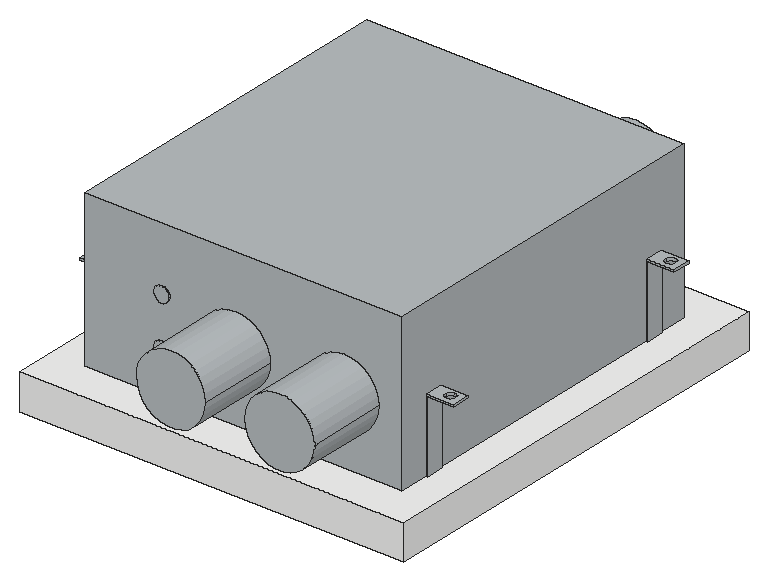
Revit family "v-273bzl5-ms_50Hz", category 機械設備, Revit 2019
Family settings
  丸型コネクタ寸法 = 直径を使用
  パーツ タイプ = 標準
  OmniClass 番号 = 23.75.35.17.27
  OmniClass タイトル = Centrifugal Fans
  作業面ベース = いいえ
  常に垂直 = はい
  ロード時にボイドで切り取り = いいえ
  共有 = いいえ
  部屋計算ポイント = はい
Parameters (values of type "V-273BZL5-MS")
  騒音レベル(dB(A)) [instance] = 48.5
  風量 [instance] = 190.0 m³/h
  電源種別 [instance] = ""
  電圧 = 200 V
  電動機出力 = 0 W
  電動機_種別 [instance] = ""
  運転質量 = 0.00 kg
  連動 [instance] = ""
  質量 = if(製品質量 > 運転質量, 製品質量, 運転質量) * 1.2  # 31.80 kg
  負荷分類 = 3_ファン類
  説明 = "バス乾燥・暖房・換気システム ミスト機能付 3部屋用"
  設計風量 [instance] = 0.0 m³/h
  設置方法 = "カセット形"
  記号 [instance] = ""
  製造元 = "三菱電機株式会社"
  製品質量 = 26.50 kg
  製品出荷対象 = "国内"
  製品リリース年月 = "2022年6月1日"
  製品グループ = ""
  給水管_W = 115 mm
  給水管_H = 60 mm
  系統 [instance] = ""
  符号 [instance] = if(☑給気／□排気, "FS", "FE")  # "FE"
  積算_科目 = "2 換気設備"
  積算_拾い区分 [instance] = ""
  相 = 1
  盤記号 [instance] = ""
  発停方法 [instance] = ""
  特殊仕様 [instance] = ""
  点検口離隔 = 350 mm
  点検口_Depth = 450 mm
  点検口 = yes
  火災停止 [instance] = ""
  消費電力 = 2100 W
  法定耐用年数 = "10"
  機外静圧 [instance] = 0.0 Pa
  極数 = 3
  材質 [instance] = ""
  操作・制御方式 = ""
  操作・制御スイッチ = ""
  排気量 [instance] = if(☑給気／□排気, 0.0 m³/h, 設計風量)  # 0.0 m³/h
  形式 = ""
  幹線記号 [instance] = ""
  対象室 [instance] = ""
  実風量 [instance] = 0.0 m³/h
  始動方式 [instance] = "直入"
  天吊金具ピッチ2 = 390 mm
  天吊金具ピッチ1 = 500 mm
  天吊金具_高さ = 101.5 mm
  天吊金具_径 = 15 mm
  外気量 [instance] = if(☑給気／□排気, 設計風量, 0.0 m³/h)  # 0.0 m³/h
  呼称 = "天井扇"
  周波数 = 50 Hz
  参照している仕様書等のバージョン = ""
  加湿給水管径 = 21.7 mm
  分類コード = "50052503100080"
  分類グループ = ""
  価格 = 337600
  企業コード = "108420"
  付属品_防振装置 = ""
  付属品 [instance] = ""
  仕様書バージョン = "Version1.0"
  モデル = "V-273BZL5-MS"
  マテリアル = 亜鉛メッキ鋼板
  ファンの種類 = ""
  ドレン管径 = 21.7 mm
  ドレン管_W = 115 mm
  ドレン管_H = 130 mm
  ダクト径 = 100 mm
  コメント [instance] = ""
  Keynote = ""
  カバーマテリアル = 合成樹脂(白)
  ☑給気／□排気 [instance] = no
  Width = 450 mm
  W1 = 544 mm
  Version = ""
  Uniclass2015Version = "Systems v1.9"
  Uniclass2015Title = "Centrifugal fans"
  Uniclass2015Code = "Pr_65_67_29_12"
  URL = "https://www.mitsubishielectric.co.jp/ldg/wink/ssl/displayProduct.do?pid=320495"
  SpecificationReference = ""
  SpecificationDescription = ""
  Revision = ""
  RAダクト接続口_A = yes
  RAダクト接続口_B = yes
  RAダクト接続口_C = no
  RAサイズ_D = 98 mm
  ProductInformation = ""
  OmniClassCode = "23-33 31 19 11 15"
  MIN風量 = 95.0 m³/h
  MIN静圧 = 0.0 Pa
  MID風量 = 0.0 m³/h
  MID静圧 = 0.0 Pa
  MAX風量 = 190.0 m³/h
  MAX静圧 = 0.0 Pa
  IfcTypeProduct = ""
  IfcProduct = ""
  IfcExportType = "PROPELLORAXIAL"
  IfcExportAs = "IfcFanType"
  Height = 220 mm
  H1 = 50 mm
  EAサイズ_D = 98 mm
  Duct_RA_W2 = 65 mm
  Duct_H = 95.5 mm
  Duct_RA_W1 = 11 mm
  Duct_EA_W = 143 mm
  Duct_Depth = 114 mm
  Depth = 500 mm
  D1 = 610 mm
  Author = "三菱電機株式会社"
Reference planes
  plane 1 "中心(正面/背面)": y = 0
  plane 2: z = 0
  plane 3 "中心(左/右)": x = 0
  plane 4: x = -272
  plane 5: x = 272
  plane 6: y = 305
  plane 7: y = -305
  plane 8: x = -225
  plane 9: x = 225
  plane 10: y = 250
  plane 11: y = -250
  plane 12: y = -364
  plane 13: z = 220
  plane 14: z = -50
  plane 15: z = 95.5
  plane 16: x = -250
  plane 17: x = 250
  plane 18: y = 195
  plane 19: y = -195
  plane 20: x = 143
  plane 21: x = -11
  plane 22: x = 339
  plane 23: x = -575
  plane 24: x = -1025
  plane 25: y = 225
  plane 26: y = -225
  plane 27: x = -228
  plane 28: x = 228
  plane 29: z = 104.5
  plane 30: z = 101.5
  plane 31: x = 65
  plane 32: y = 364
  plane 33: x = -115
  plane 34: x = -115
  plane 35: z = 60
  plane 36: z = 130
  plane 37: y = -251
Forms (mm)
  Extrusion 1, solid, material "亜鉛メッキ鋼板" <- "マテリアル", detail levels fine
    sketch origin (0, 0, 0) x (1, 0, 0) y (0, 1, 0)
      loop
        line (-225, 250) -> (-225, -250) -> (225, -250) -> (225, 250) -> (-225, 250)
    from 0 to 220
  Extrusion 2, solid, material "合成樹脂(白)" <- "カバーマテリアル", detail levels fine
    sketch origin (0, 0, 0) x (1, 0, 0) y (0, 1, 0)
      loop
        line (-272, 305) -> (-272, -305) -> (272, -305) -> (272, 305) -> (-272, 305)
    from 0 to -50
  Extrusion 3, solid, material "亜鉛メッキ鋼板" <- "マテリアル", detail levels fine
    sketch origin (0, 0, 0) x (1, 0, 0) y (0, 0, 1)
      loop
        circle (143, 95.5) r 49
    from 250 to 364
  Extrusion 4, solid, material "亜鉛メッキ鋼板" <- "マテリアル", visible <- "RAダクト接続口_A", detail levels fine
    sketch origin (0, 0, 0) x (1, 0, 0) y (0, 0, 1)
      loop
        circle (-11, 95.5) r 49
    from 250 to 364
  Extrusion 5, solid, material "亜鉛メッキ鋼板" <- "マテリアル", visible <- "RAダクト接続口_C", detail levels fine
    sketch origin (0, 0, 0) x (0, 1, 0) y (0, 0, 1)
      loop
        circle (0, 95.5) r 49
    from 225 to 339
  Extrusion 6, solid, material "亜鉛メッキ鋼板" <- "マテリアル", detail levels fine
    sketch origin (0, 0, 0) x (1, 0, 0) y (0, 1, 0)
      loop
        line (-225, -182.5) -> (-265, -182.5) -> (-265, -207.5) -> (-225, -207.5) -> (-225, -182.5)
      loop
        circle (-250, -195) r 7.5
      loop
        line (-225, 207.5) -> (-265, 207.5) -> (-265, 182.5) -> (-225, 182.5) -> (-225, 207.5)
      loop
        line (225, -182.5) -> (225, -207.5) -> (265, -207.5) -> (265, -182.5) -> (225, -182.5)
      loop
        line (225, 207.5) -> (225, 182.5) -> (265, 182.5) -> (265, 207.5) -> (225, 207.5)
      loop
        circle (-250, 195) r 7.5
      loop
        circle (250, 195) r 7.5
      loop
        circle (250, -195) r 7.5
    from 101.5 to 104.5
  Extrusion 7, solid, material "亜鉛メッキ鋼板" <- "マテリアル", detail levels fine
    sketch origin (0, 0, 0) x (1, 0, 0) y (0, 1, 0)
      loop
        line (-228, -182.5) -> (-228, -207.5) -> (-225, -207.5) -> (-225, -182.5) -> (-228, -182.5)
      loop
        line (-228, 207.5) -> (-228, 182.5) -> (-225, 182.5) -> (-225, 207.5) -> (-228, 207.5)
      loop
        line (228, 207.5) -> (225, 207.5) -> (225, 182.5) -> (228, 182.5) -> (228, 207.5)
      loop
        line (228, -182.5) -> (225, -182.5) -> (225, -207.5) -> (228, -207.5) -> (228, -182.5)
    from 0 to 104.5
  Extrusion 8, solid, material "亜鉛メッキ鋼板" <- "マテリアル", visible <- "RAダクト接続口_B", detail levels fine
    sketch origin (0, 0, 0) x (1, 0, 0) y (0, 0, 1)
      loop
        circle (65, 95.5) r 49
    from -364 to -250
  Extrusion 9, solid, material "亜鉛メッキ鋼板" <- "マテリアル", detail levels fine
    sketch origin (0, 0, 0) x (1, 0, 0) y (0, 0, 1)
      loop
        circle (-115, 130) r 10.85
      loop
        circle (-115, 60) r 10.85
    from 250 to 251
Cuts and joins
  joined: Extrusion 6, Extrusion 7
Dimensions and locks
  equal spacing: plane 4, plane 3 "中心(左/右)", plane 5
  "W1": plane 4 to plane 5
  equal spacing: plane 6, plane 1 "中心(正面/背面)", plane 7
  "D1": plane 6 to plane 7
  equal spacing: plane 8, plane 3 "中心(左/右)", plane 9
  "Width": plane 8 to plane 9
  equal spacing: plane 10, plane 1 "中心(正面/背面)", plane 11
  "Depth": plane 10 to plane 11
  "Duct_Depth": plane 11 to plane 12
  "Height": plane 13 to plane 2
  "Duct_H": plane 15 to plane 2
  equal spacing: plane 16, plane 3 "中心(左/右)", plane 17
  "天吊金具ピッチ1": plane 16 to plane 17
  equal spacing: plane 18, plane 1 "中心(正面/背面)", plane 19
  "天吊金具ピッチ2": plane 18 to plane 19
  "H1": plane 2 to plane 14
  "Duct_EA_W": plane 20 to plane 3 "中心(左/右)"
  "Duct_RA_W1": plane 21 to plane 3 "中心(左/右)"
  "Duct_Depth": plane 9 to plane 22
  "点検口_Depth": plane 25 to plane 26
  equal spacing: plane 25, plane 1 "中心(正面/背面)", plane 26
  "点検口_Depth": plane 24 to plane 23
  "点検口離隔": plane 23 to plane 8
  Extrusion 6 sketch curve to Extrusion 6 sketch curve = 25 mm  (x4)
  equal spacing: Extrusion 6 sketch curve, plane 19, Extrusion 6 sketch curve  (x2)
  Extrusion 6 sketch curve to plane 16 = 15 mm  (x2)
  equal spacing: Extrusion 6 sketch curve, plane 18, Extrusion 6 sketch curve  (x2)
  plane 17 to Extrusion 6 sketch curve = 15 mm  (x2)
  plane 9 to plane 28 = 3 mm
  plane 27 to plane 8 = 3 mm
  plane 29 to plane 30 = 3 mm
  "Duct_RA_W2": plane 3 "中心(左/右)" to plane 31
  "Duct_Depth": plane 10 to plane 32
  "ドレン管_W": plane 3 "中心(左/右)" to plane 33
  "給水管_W": plane 3 "中心(左/右)" to plane 34
  "給水管_H": plane 35 to level
  "ドレン管_H": plane 36 to level
  locked: plane 11 to plane 37 at 1
  "天吊金具_高さ": plane 30 to level
  "RAサイズ_D": diameter of Extrusion 4 sketch curve
  "天吊金具_径": diameter of Extrusion 6 sketch curve  (x4)
  "EAサイズ_D": diameter of Extrusion 3 sketch curve
  "RAサイズ_D": diameter of Extrusion 5 sketch curve
  "RAサイズ_D": diameter of Extrusion 8 sketch curve
  "ドレン管径": diameter of Extrusion 9 sketch curve
  "加湿給水管径": diameter of Extrusion 9 sketch curve
  aligned and locked: level to plane 2
  aligned and locked: plane 5 to Extrusion 2
  aligned and locked: plane 6 to Extrusion 2
  aligned and locked: Extrusion 2 to plane 4
  aligned and locked: Extrusion 2 to plane 7
  aligned and locked: plane 9 to Extrusion 1
  aligned and locked: Extrusion 1 to plane 11
  aligned and locked: Extrusion 1 to plane 8
  aligned and locked: plane 10 to Extrusion 1
  aligned and locked: plane 13 to Extrusion 1
  aligned and locked: Extrusion 2 to plane 14
  aligned and locked: level to Extrusion 2
  aligned and locked: Extrusion 1 to level
  aligned and locked: Extrusion 3 to plane 12
  aligned and locked: plane 11 to Extrusion 3
  aligned and locked: nested 2 to plane 16
  aligned and locked: nested 2 to plane 17
  aligned and locked: nested 2 to plane 19
  aligned and locked: nested 2 to plane 18
  aligned and locked: Extrusion 4 to plane 12
  aligned and locked: plane 11 to Extrusion 4
  aligned and locked: plane 22 to Extrusion 5
  aligned and locked: Extrusion 5 to plane 9
  aligned and locked: plane 23 to nested 3
  aligned and locked: plane 24 to nested 3
  aligned and locked: plane 26 to nested 3
  aligned and locked: plane 25 to nested 3
  aligned and locked: plane 8 to Extrusion 6 sketch curve
  aligned and locked: plane 9 to Extrusion 6 sketch curve  (x2)
  aligned and locked: Extrusion 7 sketch curve to Extrusion 6  (x10)
  aligned and locked: plane 27 to Extrusion 7 sketch curve  (x2)
  aligned and locked: Extrusion 6 to Extrusion 7 sketch curve  (x2)
  aligned and locked: plane 28 to Extrusion 7 sketch curve  (x2)
  aligned and locked: plane 29 to Extrusion 6
  aligned and locked: Extrusion 6 to plane 30
  aligned and locked: plane 29 to Extrusion 7
  aligned and locked: Extrusion 7 to plane 2
  aligned and locked: Extrusion 8 to plane 32
  aligned and locked: Extrusion 8 to plane 10
  aligned and locked: Extrusion 9 to plane 37
  aligned and locked: plane 11 to Extrusion 9
Automatic sketch dimensions
  Extrusion 4 sketch curve to plane 15 = 0 mm
  plane 21 to Extrusion 4 sketch curve = 0 mm
  Extrusion 1 sketch curve to plane 8 = 0 mm
  Extrusion 1 sketch curve to plane 9 = 0 mm
  Extrusion 1 sketch curve to plane 11 = 0 mm
  Extrusion 1 sketch curve to plane 10 = 0 mm
  Extrusion 2 sketch curve to plane 4 = 0 mm
  Extrusion 2 sketch curve to plane 5 = 0 mm
  Extrusion 2 sketch curve to plane 7 = 0 mm
  Extrusion 2 sketch curve to plane 6 = 0 mm
  Extrusion 6 sketch curve to plane 16 = 0 mm  (x2)
  Extrusion 6 sketch curve to plane 8 = 0 mm
  Extrusion 6 sketch curve to plane 17 = 0 mm  (x2)
  Extrusion 6 sketch curve to plane 19 = 0 mm  (x2)
  Extrusion 6 sketch curve to plane 18 = 0 mm  (x2)
  Extrusion 3 sketch curve to plane 15 = 0 mm
  Extrusion 3 sketch curve to plane 20 = 0 mm
  Extrusion 5 sketch curve to plane 1 "中心(正面/背面)" = 0 mm
  Extrusion 5 sketch curve to plane 15 = 0 mm
  Extrusion 8 sketch curve to plane 15 = 0 mm
  plane 31 to Extrusion 8 sketch curve = 0 mm
  Extrusion 9 sketch curve to plane 33 = 0 mm
  Extrusion 9 sketch curve to plane 34 = 0 mm
  Extrusion 9 sketch curve to plane 35 = 0 mm
  Extrusion 9 sketch curve to plane 36 = 0 mm
Nested families
  nested 1: "記号_天井換気扇_平面" at (0, 0, 0), type "記号_天井換気扇_平面", detail levels coarse+medium
  nested 2: "固定点" at (-250, -195, 0), type "固定点"
    with W 500 mm, D 390 mm
  nested 3: "点検口設置範囲" at (-800, 0, 0), visible <- "点検口", type "点検口設置範囲"
    with Width 450 mm, Depth 450 mm
Connectors
  hvac at (143, -364, 95.5), driven by "ダクト径", driven by "風量", driven by "機外静圧"
    settings: on Extrusion 3, index 1, duct flow 190.0 m³/h, flow factor 0, pres drop 0.0 Pa, loss coef 0, conn angle 0.00°, conn width 304.8 mm, conn height 304.8 mm, conn diameter 100 mm, duct sys type 3, conn prof type 0, flow config 0, flow direction 2, loss method 4, conn ref index -1, conn util no, is conn primary yes, conn desc ""
  hvac at (-11, -364, 95.5), driven by "ダクト径", driven by "機外静圧", driven by "風量"
    settings: on Extrusion 4, index 3, duct flow 190.0 m³/h, flow factor 0, pres drop 0.0 Pa, loss coef 0, conn angle 0.00°, conn width 304.8 mm, conn height 304.8 mm, conn diameter 100 mm, duct sys type 2, conn prof type 0, flow config 0, flow direction 1, loss method 4, conn ref index -1, conn util no, is conn primary no, conn desc ""
  hvac at (339, 0, 95.5), driven by "ダクト径", driven by "機外静圧", driven by "風量"
    settings: on Extrusion 5, index 4, duct flow 190.0 m³/h, flow factor 0, pres drop 0.0 Pa, loss coef 0, conn angle 0.00°, conn width 304.8 mm, conn height 304.8 mm, conn diameter 100 mm, duct sys type 2, conn prof type 0, flow config 0, flow direction 1, loss method 4, conn ref index -1, conn util no, is conn primary no, conn desc ""
  electrical at (0, 0, 220), driven by "極数", driven by "負荷分類", driven by "電圧", driven by "消費電力"
    settings: on Extrusion 1, index 6, voltage 200 V, apparent load 2100 VA, apparent load phase1 0 VA, apparent load phase2 0 VA, apparent load phase3 0 VA, power factor 1, load classification "3_ファン類", number of poles 3, system type 30, power factor state 1, is connector primary yes, connector utility no, sub classification motor no, connector description ""
  hvac at (65, 364, 95.5), driven by "ダクト径", driven by "機外静圧", driven by "風量"
    settings: on Extrusion 8, index 7, duct flow 190.0 m³/h, flow factor 0, pres drop 0.0 Pa, loss coef 0, conn angle 0.00°, conn width 304.8 mm, conn height 304.8 mm, conn diameter 100 mm, duct sys type 2, conn prof type 0, flow config 0, flow direction 1, loss method 4, conn ref index -1, conn util no, is conn primary no, conn desc ""
  piping at (-115, -251, 130), diameter 21.7, driven by "ドレン管径"
    settings: on Extrusion 9, index 8, connector inside diameter 609.6 mm, connector length 0 mm, flow factor 0, pipe flow 0.0 L/s, pressure drop 0.0 Pa, fitting loss kfactor 0, connector angle 0.00°, fixture units 0, engagement length 0 mm, angle of deflection 0.00°, flow configuration 0, flow direction 2, fitting loss method 4, system type 16, joint type 0, gender type 0, connector reference index -1, connector utility 0, adjustable connector no, is connector primary yes, connector description ""
  piping at (-115, -251, 60), diameter 21.7, driven by "加湿給水管径"
    settings: on Extrusion 9, index 9, connector inside diameter 609.6 mm, connector length 0 mm, flow factor 0, pipe flow 0.0 L/s, pressure drop 0.0 Pa, fitting loss kfactor 0, connector angle 0.00°, fixture units 0, engagement length 0 mm, angle of deflection 0.00°, flow configuration 0, flow direction 1, fitting loss method 4, system type 20, joint type 0, gender type 0, connector reference index -1, connector utility 0, adjustable connector no, is connector primary no, connector description ""
Definition of nested family "記号_天井換気扇_平面"
  Reference planes
    plane 1: y = 0
    plane 2: x = 0
  Lines and regions (mm)
    detail lines
      curve 1: line (-2.5, 2.5, 0) -> (2.5, 2.5, 0)
      curve 2: line (-2.5, -2.5, 0) -> (-2.5, 2.5, 0)
      curve 3: line (2.5, -2.5, 0) -> (-2.5, -2.5, 0)
      curve 4: line (2.5, 2.5, 0) -> (2.5, -2.5, 0)
      curve 5: circle (-1.04, -1.04, 0) r 1.46 normal (0, 0, 1)
      curve 6: circle (1.04, 1.04, 0) r 1.46 normal (0, 0, 1)
      curve 7: line (-3.125, 3.125, 0) -> (3.125, 3.125, 0)
      curve 8: line (-3.125, -3.125, 0) -> (-3.125, 3.125, 0)
      curve 9: line (3.125, -3.125, 0) -> (-3.125, -3.125, 0)
      curve 10: line (3.125, 3.125, 0) -> (3.125, -3.125, 0)
      curve 11: circle (1.295, 1.295, 0) r 1.83 normal (0, 0, 1)
      curve 12: circle (-1.295, -1.295, 0) r 1.83 normal (0, 0, 1)
      curve 13: line (-2, 2, 0) -> (2, 2, 0)
      curve 14: line (-2, -2, 0) -> (-2, 2, 0)
      curve 15: line (2, -2, 0) -> (-2, -2, 0)
      curve 16: line (2, 2, 0) -> (2, -2, 0)
      curve 17: circle (0.84, 0.84, 0) r 1.16 normal (0, 0, 1)
      curve 18: circle (-0.84, -0.84, 0) r 1.2 normal (0, 0, 1)
Definition of nested family "固定点"
  Parameters (values of type "固定点")
    中心円 = 20 mm
    W [instance] = 1000 mm
    D [instance] = 1000 mm
  Reference planes
    plane 1 "中心(正面/背面)": y = 0
    plane 2: z = 0
    plane 3 "中心(左/右)": x = 0
    plane 4: x = 1000
    plane 5: y = 1000
  Lines and regions (mm)
    symbolic lines, detail levels fine
      curve 1: circle (0, 1000, 0) r 10 normal (0, 0, 1)
      curve 2: circle (0, 0, 0) r 10 normal (0, 0, 1)
      curve 3: circle (1000, 1000, 0) r 10 normal (0, 0, 1)
      curve 4: circle (1000, 0, 0) r 10 normal (0, 0, 1)
      curve 5: line (-200, 1000, 0) -> (1200, 1000, 0)
      curve 6: line (-200, 0, 0) -> (1200, 0, 0)
      curve 7: line (0, 1200, 0) -> (0, -200, 0)
      curve 8: line (1000, 1200, 0) -> (1000, -200, 0)
  Dimensions and locks
    "W": plane 3 "中心(左/右)" to plane 4
    "D": plane 1 "中心(正面/背面)" to plane 5
    "中心円": diameter of curve 1
    "中心円": diameter of curve 2
    "中心円": diameter of curve 3
    "中心円": diameter of curve 4
    aligned and locked: level to plane 2
    aligned and locked: plane 5 to curve 1
    aligned and locked: plane 3 "中心(左/右)" to curve 1
    aligned and locked: plane 3 "中心(左/右)" to curve 2
    aligned and locked: plane 1 "中心(正面/背面)" to curve 2
    aligned and locked: plane 4 to curve 3
    aligned and locked: plane 5 to curve 3
    aligned and locked: plane 1 "中心(正面/背面)" to curve 4
    aligned and locked: plane 4 to curve 4
    aligned and locked: plane 1 "中心(正面/背面)" to curve 6
    aligned and locked: curve 7 to plane 3 "中心(左/右)"
    aligned and locked: curve 8 to plane 4
  Automatic sketch dimensions
    curve 5 to plane 5 = 0 mm
    curve 6 to plane 3 "中心(左/右)" = 200 mm
    curve 5 to plane 3 "中心(左/右)" = 200 mm
    curve 4 to curve 6 = 200 mm
    curve 3 to curve 5 = 200 mm
    plane 1 "中心(正面/背面)" to curve 8 = 200 mm
    plane 1 "中心(正面/背面)" to curve 7 = 200 mm
    curve 3 to curve 8 = 200 mm
    curve 1 to curve 7 = 200 mm
Definition of nested family "点検口設置範囲"
  Parameters (values of type "点検口設置範囲")
    Width [instance] = 1000 mm
    Depth [instance] = 700 mm
  Reference planes
    plane 1 "中心(正面/背面)": y = 0
    plane 2: z = 0
    plane 3 "中心(左/右)": x = 0
    plane 4: x = -500
    plane 5: x = 500
    plane 6: y = -350
    plane 7: y = 350
  Lines and regions (mm)
    model lines
      curve 1: line (-500, 350, 0) -> (500, 350, 0)
      curve 2: line (-500, -350, 0) -> (-500, 350, 0)
      curve 3: line (500, -350, 0) -> (-500, -350, 0)
      curve 4: line (500, 350, 0) -> (500, -350, 0)
  Dimensions and locks
    "Depth": plane 7 to plane 6
    "Width": plane 4 to plane 5
    equal spacing: plane 7, plane 1 "中心(正面/背面)", plane 6
    equal spacing: plane 4, plane 3 "中心(左/右)", plane 5
    aligned and locked: level to plane 2
    aligned and locked: plane 4 to curve 2
    aligned and locked: curve 1 to plane 7
    aligned and locked: curve 4 to plane 5
    aligned and locked: plane 6 to curve 3
